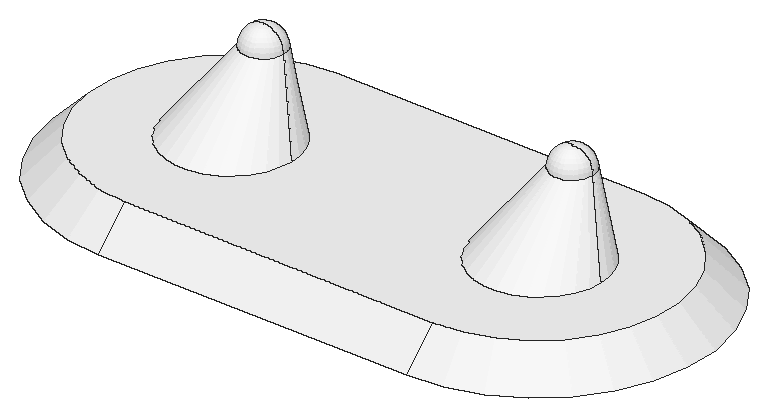
Revit family "KingswayGroup_ClthsHks_Anti-LigatureCoatHookDualRack", category Specialty Equipment, Revit 2020
Family settings
  Round Connector Dimension = Use Diameter
  Part Type = Normal
  Work Plane-Based = No
  Always vertical = Yes
  Cut with Voids When Loaded = No
  Shared = No
  Room Calculation Point = No
Parameters (values of type "KG177 BE")
  WarrantyStartDate [instance] = "1900-12-31T23:59:59"
  WarrantyGuarantorParts = "sales@kingswaygroup.co.uk"  # constant formula
  WarrantyGuarantorLabor = "n/a"
  WarrantyDurationUnit = "year"  # constant formula
  WarrantyDurationParts = "5"  # constant formula
  WarrantyDurationLabor = "n/a"
  WarrantyDescription = "5-Year Guarantee *For faulty manufacture and not for damage"  # constant formula
  Version = "1"
  Uniclass2015Version = "Products v1.36"  # constant formula
  Uniclass2015Title = "Clothes hooks"  # constant formula
  Uniclass2015Code = "Pr_40_30_78_15"  # constant formula
  URL = "https://kingswaygroupglobal.com/"
  TagNumber [instance] = "n/a"
  SustainabilityPerformance = "n/a"
  Size = "155 x 80 x 28.5 mm"  # constant formula
  Shape = "n/a"
  SerialNumber [instance] = "n/a"
  Revision = "n/a"
  ReplacementCost = "n/a"
  ProductInformation = "https://kingswaygroupglobal.com/product/anti-ligature-hooks-dual-coat-rack?noredirect=true"
  NominalWidth = 28.5 mm  # constant formula
  NominalLength = 155 mm  # constant formula
  NominalHeight = 80 mm  # constant formula
  Name = "ClothesHooks_Anti-LigatureCoatHookDualRack_KG177BE_KingswayGroup"
  ModelReference = "Anti-Ligature Coat Hook (Dual Rack)"
  ModelNumber = "KG177 BE"
  PlateMaterial = NBS_Concept
  Model = ModelNumber  # "KG177 BE"
  HookMaterial = NBS_Concept
  Material = "Stainless Steel, Rubber"  # constant formula
  ManufacturerURL = "https://kingswaygroupglobal.com/"
  ManufacturerName = "Kingsway Group"  # constant formula
  Manufacturer = ManufacturerName  # "Kingsway Group"
  InstallationDate [instance] = "1900-12-31T23:59:59"
  IfcExportType = "USERDEFINED"  # constant formula
  IfcExportAs = "IfcFurnitureType"  # constant formula
  Grade = "n/a"
  Finish = "For full range of available finishes and colours, contact Kingsway Group"  # constant formula
  Features = "A dual Anti-Ligature Coat Hook designed for safe use in patient areas. The KG177 Anti-Ligature Cook Hook Dual Rack features two flexible rubber hooks with low load release thresholds housed within a stainless steel surround."  # constant formula
  ExpectedLife = "n/a"
  DurationUnit = "year"  # constant formula
  Description = "KG177 BE (Beige) Anti-Ligature Dual Coat Hook Rack"
  Default Elevation = 0 mm
  Constituents = "n/a"
  Color = "For full range of available finishes and colours, contact Kingsway Group"  # constant formula
  CodePerformance = "n/a"
  Category = "Pr_40_30_78_15:Clothes hooks"  # constant formula
  BarCode [instance] = "n/a"
  BIMObjectName = "KingswayGroup_ClothesHooks_Anti-LigatureCoatHookDualRack"  # constant formula
  Author = "Kingsway Group"  # constant formula
  AssetType = "Fixed"
  AssetIdentifier [instance] = "n/a"
  AccessibilityPerformance = "n/a"
Types (6, lengths in mm): name | Name | ModelNumber | Model | Description
  (no name) | "ClothesHooks_Anti-LigatureCoatHookDualRack_KG177BE_KingswayGroup" | "KG177 BE" | "KG177 BE" | "KG177 BE (Beige) Anti-Ligature Dual Coat Hook Rack"
  KG177 BK | "ClothesHooks_Anti-LigatureCoatHookDualRack_KG177BK_KingswayGroup" | "KG177 BK" | "KG177 BK" | "KG177 BK (Black) Anti-Ligature Dual Coat Hook Rack"
  KG177 BL | "ClothesHooks_Anti-LigatureCoatHookDualRack_KG177BL_KingswayGroup" | "KG177 BL" | "KG177 BL" | "KG177 BL (Blue) Anti-Ligature Dual Coat Hook Rack"
  KG177 CR | "ClothesHooks_Anti-LigatureCoatHookDualRack_KG177CR_KingswayGroup" | "KG177 CR" | "KG177 CR" | "KG177 CR (Cream) Anti-Ligature Dual Coat Hook Rack"
  KG177 GR | "ClothesHooks_Anti-LigatureCoatHookDualRack_KG177GR_KingswayGroup" | "KG177 GR" | "KG177 GR" | "KG177 GR (Grey) Anti-Ligature Dual Coat Hook Rack"
  KG177 BE | "ClothesHooks_Anti-LigatureCoatHookDualRack_KG177BE_KingswayGroup" | "KG177 BE" | "KG177 BE" | "KG177 BE (Beige) Anti-Ligature Dual Coat Hook Rack"
Reference planes
  plane 1 "Center (Front/Back)": y = 0
  plane 2: z = 0
  plane 3 "Center (Left/Right)": x = 0
Forms (mm)
  Blend 1, solid, material "NBS_Concept" <- "PlateMaterial"
    base sketch origin (0, 0, 0) x (1, 0, 0) y (0, 1, 0)
      loop
        arc (-37.5, 40) -> (-77.5, 0) -> (-37.5, -40) r 40
        line (-37.5, -40) -> (37.5, -40)
        arc (37.5, -40) -> (77.501, 0) -> (37.5, 40) r 40
        line (37.5, 40) -> (-37.5, 40)
    top sketch origin (0, 0, 0) x (1, 0, 0) y (0, 1, 0)
      loop
        line (37.5, 32) -> (-37.5, 32)
        arc (-37.5, 32) -> (-69.5, 0) -> (-37.5, -32) r 32
        line (-37.5, -32) -> (37.5, -32)
        arc (37.5, -32) -> (69.5, 0) -> (37.5, 32) r 32
    from 0 to 8
  Blend 2, solid, material "NBS_Concept" <- "HookMaterial"
    base sketch origin (0, 0, 0) x (1, 0, 0) y (0, 1, 0)
      loop
        circle (-37.487, 0.005) r 14.956
    top sketch origin (0, 0, 0) x (1, 0, 0) y (0, 1, 0)
      loop
        arc (-42.498, 9.987) -> (-37.499, 5.006) -> (-32.5, 9.987) r 4.999
        arc (-32.5, 9.987) -> (-37.499, 14.969) -> (-42.498, 9.987) r 4.999
    from 8 to 23.5
  Revolve 3, solid, material "NBS_Concept" <- "HookMaterial"
    sketch origin (0, 9.998, 0) x (1, 0, 0) y (0, 0, 1)
      loop
        line (-37.499, 28.5) -> (-37.499, 23.5) -> (-32.5, 23.5)
        spline (-32.5, 23.5) -> (-32.543, 24.153) -> (-32.67, 24.794) -> (-32.88, 25.413) -> (-33.17, 26) -> (-33.533, 26.544) -> (-33.964, 27.036) -> (-34.456, 27.467) -> (-34.999, 27.83) -> (-35.586, 28.119) -> (-36.205, 28.33) -> (-36.846, 28.457) -> (-37.499, 28.5)
      axis (-37.499, 23.5) -> (-37.499, 28.5)
    angle from 0 to 360
  Extrusion 4, void
    sketch origin (0, 0, 0) x (0, 1, 0) y (0, 0, 1)
      loop
        arc (16.775, 26.432) -> (12.582, 15.536) -> (16.775, 4.64) r 16.256
        line (16.775, 4.64) -> (16.775, 26.432)
    from -55.419 to 56.12
  Blend 5, solid, material "NBS_Concept" <- "HookMaterial"
    base sketch origin (75.275, 0, 0) x (1, 0, 0) y (0, 1, 0)
      loop
        circle (-37.487, 0.005) r 14.956
    top sketch origin (75.275, 0, 0) x (1, 0, 0) y (0, 1, 0)
      loop
        arc (-42.498, 9.987) -> (-37.499, 5.006) -> (-32.5, 9.987) r 4.999
        arc (-32.5, 9.987) -> (-37.499, 14.969) -> (-42.498, 9.987) r 4.999
    from 8 to 23.5
  Revolve 6, solid, material "NBS_Concept" <- "HookMaterial"
    sketch origin (75.275, 9.998, 0) x (1, 0, 0) y (0, 0, 1)
      loop
        line (-37.499, 28.5) -> (-37.499, 23.5) -> (-32.5, 23.5)
        spline (-32.5, 23.5) -> (-32.543, 24.153) -> (-32.67, 24.794) -> (-32.88, 25.413) -> (-33.17, 26) -> (-33.533, 26.544) -> (-33.964, 27.036) -> (-34.456, 27.467) -> (-34.999, 27.83) -> (-35.586, 28.119) -> (-36.205, 28.33) -> (-36.846, 28.457) -> (-37.499, 28.5)
      axis (-37.499, 23.5) -> (-37.499, 28.5)
    angle from 0 to 360
Cuts and joins
  Extrusion 4 cuts Blend 2
  Extrusion 4 cuts Revolve 3
  Extrusion 4 cuts Blend 5
  Extrusion 4 cuts Revolve 6
Dimensions and locks
  aligned and locked: level to plane 2
  aligned and locked: Blend 1 to level
